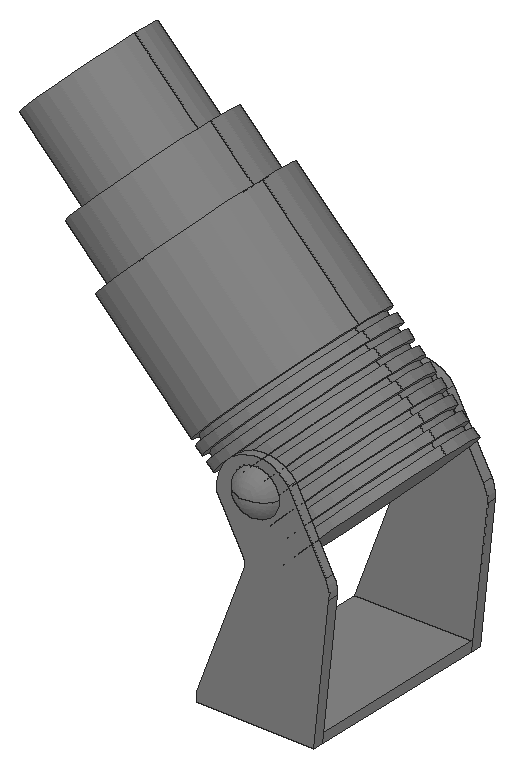
Revit family "RAY-ZOOM-R61", category Осветительные приборы, Revit 2017
Family settings
  Размер круглого соединителя = Использовать диаметр
  Тип детали = Нормальный
  На основе рабочей плоскости = Нет
  Всегда вертикально = Да
  При загрузке вырезать с полостями = Нет
  Источник света = Да
  Общий = Нет
  Точка расчета площади = Нет
Parameters (values of type "026447 Светильник ALT-RAY-ZOOM-R61-12W Warm3000 (DG, 10-60 deg, 230V)_10deg")
  Угол света [instance] = 90.00° - Угол  # 45.00°
  built-in parameter 1150104 = 13.8 (stored number, unit not read)
  built-in parameter 1150134 = (empty or 0)
  Файл фотометрической сетки = "026447_ALT-RAY-ZOOM-R61-12W Warm3000 (DG, 10-60 deg, 230V)_10deg.ies"
  Угол поворота [instance] = 45.00°
  Tilt Angle = 90.00°
  Угол [instance] = if(or(Угол поворота < -25.00°, Угол поворота > 200.00°), 45.00°, Угол поворота)  # 45.00°
  built-in parameter 1150137 = (empty or 0)
  built-in parameter 1150132 = 2
  built-in parameter 1150114 = 1 (stored number, unit not read)
  Dimming Lamp Color Temperature Shift = (empty or 0)
  built-in parameter 1150105 = 43.768 (stored number, unit not read)
  Color Filter = 16777215
  Lumens = 550 lm
  Разработчик (телефон) = "+7 (495) 781-05-35"  # constant formula
  Разработчик (e-mail) = "info@constructor.ru"  # constant formula
  Разработчик (URL) = "https://constructor.ru/"  # constant formula
  Разработчик = "НТЦ Конструктор"  # constant formula
  built-in parameter 1150109 = 1 (stored number, unit not read)
  built-in parameter 1150112 = 1 (stored number, unit not read)
  built-in parameter 1150110 = 1 (stored number, unit not read)
  built-in parameter 1150113 = 1 (stored number, unit not read)
  built-in parameter 1150115 = 1 (stored number, unit not read)
  built-in parameter 1114218 = 1 (stored number, unit not read)
  built-in parameter 1114217 = 1 (stored number, unit not read)
  Apparent Load = ADSK_Номинальная мощность / ADSK_Коэффициент мощности  # 13.0435 VA
  built-in parameter 1150106 = 0.43768 (stored number, unit not read)
  Описание = "Уличный светодиодный светильник, мощность 12 Вт, регулируемый угол освещения 10-60°. Цвет ТЕПЛЫЙ 3000К, световой поток 500-550лм. Влагозащищенный корпус IP67 - темно-серый алюминий, экран из закаленного стекла. Угол поворота корпуса в вертикальной плоскости 135°. Питание 230 В, мощность 12 Вт. Размеры DxH - Ø61x133 мм. В комплекте 1 м провод"
  built-in parameter 1150133 = 10 (stored number, unit not read)
  Wattage = 3.70266 W
  built-in parameter 1150139 = (empty or 0)
  Контакты ООО "Арлайт РУС" для получения счёта = "roman@transistor.ru, T +7 495 926 56 50 (доб.1115), моб. +7 (925) 871-32-07"  # constant formula
  Комментарии к типоразмеру = "Арт. 026447"
  built-in parameter 1150138 = (empty or 0)
  built-in parameter 1150107 = 3000 (stored number, unit not read)
  built-in parameter 1150102 = (empty or 0)
  Emit from Circle Diameter = 32 mm
  Изготовитель (телефон) = "8 800 505 26 29"  # constant formula
  Изготовитель (сайт) = "www.arlight.ru"  # constant formula
  Изготовитель = "ARLIGHT"  # constant formula
  Группа модели = "Светильники"  # constant formula
  Видимая форма излучения при визуализации = no
  URL = "https://arlight.ru/catalog/product/svetilnik-alt-ray-zoom-r61-12w-warm3000-dg-10-60-deg-230v-026447/"
  ARL_Цвет свечения = "Теплый 3000К"
  ARL_Цвет покрытия = "Темно-серый"
  ARL_Угол обзора = "10°"
  ARL_Тип товара = "Светильник"
  ARL_Способ монтажа = "Кронштейн"
  ARL_Серия = "RAY"
  ARL_Рабочая температура окружающей среды = "-40…+60"
  ARL_Обозначение корпуса = "Корпус круглый, алюминий, цвет темно-серый"
  ARL_Область использования = "Для ландшафтного освещения парковых и садовых дорожек, придомовых территорий, а также декоративной подсветки фасадов"
  ARL_Материал корпуса = Металл, темно-серый
  ARL_Класс пылевлагозащиты = "IP67"
  ARL_Класс защиты от поражения электрическим током = "I"
  ARL_Индекс цветопередачи = ">80"
  ARL_Драйвер = "Встроенный"
  ADSK_Ток = ADSK_Номинальная мощность / (ADSK_Коэффициент мощности * ADSK_Напряжение * sqrt(ADSK_Количество фаз числовое))  # 0.0567108 A
  ADSK_Размер_Длина = 133 mm
  ADSK_Размер_Диаметр = 61 mm
  ADSK_Размер_Высота = 98 mm
  ADSK_Примечание = ""
  ADSK_Полная мощность = ADSK_Номинальная мощность / ADSK_Коэффициент мощности  # 13.0435 VA
  ADSK_Позиция = ""
  ADSK_Номинальная мощность = 12 W
  ADSK_Напряжение = 230 V
  ADSK_Наименование = "Светильник"
  ADSK_Масса_Текст = "0.62"
  ADSK_Марка = "ALT-RAY-ZOOM-R61-12W Warm3000"
  ADSK_Коэффициент мощности = 0.92
  ADSK_Количество фаз числовое = 1
  ADSK_Количество фаз = 1
  ADSK_Код изделия = Комментарии к типоразмеру  # "Арт. 026447"
  ADSK_Классификация нагрузок = Освещение
  ADSK_Завод-изготовитель = Изготовитель  # "ARLIGHT"
  ADSK_Единица измерения = "шт."
Types (20, lengths in mm): name | built-in parameter 1150134 | Файл фотометрической сетки | Описание | Комментарии к типоразмеру | built-in parameter 1150107 | URL | ARL_Цвет свечения | ARL_Угол обзора | ARL_Область использования | ADSK_Марка | ADSK_Код изделия
  026447 Светильник ALT-RAY-ZOOM-R61-12W Warm3000 (DG, 10-60 deg, 230V)_10deg | (empty or 0) | "026447_ALT-RAY-ZOOM-R61-12W Warm3000 (DG, 10-60 deg, 230V)_10deg.ies" | "Уличный светодиодный светильник, мощность 12 Вт, регулируемый угол освещения 10-60°. Цвет ТЕПЛЫЙ 3000К, световой поток 500-550лм. Влагозащищенный корпус IP67 - темно-серый алюминий, экран из закаленного стекла. Угол поворота корпуса в вертикальной плоскости 135°. Питание 230 В, мощность 12 Вт. Размеры DxH - Ø61x133 мм. В комплекте 1 м провод" | "Арт. 026447" | 3000 (stored number, unit not read) | "https://arlight.ru/catalog/product/svetilnik-alt-ray-zoom-r61-12w-warm3000-dg-10-60-deg-230v-026447/" | "Теплый 3000К" | "10°" | "Для ландшафтного освещения парковых и садовых дорожек, придомовых территорий, а также декоративной подсветки фасадов" | "ALT-RAY-ZOOM-R61-12W Warm3000" | "Арт. 026447"
  029700 Светильник ALT-RAY-ZOOM-R61-12W Day4000 (DG, 10-60 deg, 230V)_10deg | 12 | "029700_ALT-RAY-ZOOM-R61-12W Day4000 (DG, 10-60 deg, 230V)_10deg.ies" | "Уличный светодиодный светильник, мощность 12 Вт, регулируемый угол освещения 10-60°. Цвет ДНЕВНОЙ 4000К, световой поток 500-550лм. Влагозащищенный корпус IP67 - темно-серый алюминий, экран из закаленного стекла. Угол поворота корпуса в вертикальной плоскости 135°. Питание 230 В, мощность 12 Вт. Размеры DxH - Ø61x133 мм. В комплекте 1 м провод" | "Арт. 029700" | 4000 (stored number, unit not read) | "https://arlight.ru/catalog/product/svetilnik-alt-ray-zoom-r61-12w-day4000-dg-10-60-deg-230v-029700/" | "Дневной 4000K" | "10°" | "Для ландшафтного освещения парковых и садовых дорожек, придомовых территорий, а также декоративной подсветки фасадов" | "ALT-RAY-ZOOM-R61-12W Day4000" | "Арт. 029700"
  026447(1) Светильник ALT-RAY-ZOOM-R61-12W Warm3000 (DG, 10-60 deg, 230V)_10deg | (empty or 0) | "026447(1)_ALT-RAY-ZOOM-R61-12W Warm3000 (DG, 10-60 deg, 230V)_10deg.ies" | "Уличный светодиодный светильник, мощность 12Вт, регулируемый угол освещения 10-60°. Цвет ТЕПЛЫЙ 3000К, световой поток 500-550лм. Влагозащищенный корпус IP67 - темно-серый алюминий, экран из закаленного стекла. Угол поворота корпуса в вертикальной плоскости 135°. Питание 230В, мощность 12 Вт. Размеры DxH - Ø61x133мм. В комплекте 1м провод" | "Арт. 026447(1)" | 3000 (stored number, unit not read) | "https://arlight.ru/search/index.php?q=ray-zoom-r61" | "Теплый 3000К" | "10°" | "Категория размещения - 1" | "ALT-RAY-ZOOM-R61-12W Warm3000" | "Арт. 026447(1)"
  030914 Светильник ALT-RAY-ZOOM-R61-12W Day5000 (DG, 10-60 deg, 230V)_10deg | 2 | "030914_ALT-RAY-ZOOM-R61-12W Day5000 (DG, 10-60 deg, 230V)_10deg.ies" | "?????" | "Арт. 030914" | 5000 (stored number, unit not read) | "https://arlight.ru/search/index.php?q=ray-zoom-r61" | "Белый 5000K" | "10°" | "Категория размещения - 1" | "ALT-RAY-ZOOM-R61-12W Day4000" | "Арт. 030914"
  030729 Светильник ALT-RAY-ZOOM-R61-12W White6000 (DG, 10-60 deg, 230V)_10deg | 5 | "030729_ALT-RAY-ZOOM-R61-12W White6000 (DG, 10-60 deg, 230V)_10deg.ies" | "?????" | "Арт. 030729" | 6000 (stored number, unit not read) | "https://arlight.ru/search/index.php?q=ray-zoom-r61" | "Белый 6000K" | "10°" | "Категория размещения - 1" | "ALT-RAY-ZOOM-R61-12W White6000" | "Арт. 030729"
  026447 Светильник ALT-RAY-ZOOM-R61-12W Warm3000 (DG, 10-60 deg, 230V)_30deg | (empty or 0) | "026447_ALT-RAY-ZOOM-R61-12W Warm3000 (DG, 10-60 deg, 230V)_30deg.ies" | "Уличный светодиодный светильник, мощность 12 Вт, регулируемый угол освещения 10-60°. Цвет ТЕПЛЫЙ 3000К, световой поток 500-550лм. Влагозащищенный корпус IP67 - темно-серый алюминий, экран из закаленного стекла. Угол поворота корпуса в вертикальной плоскости 135°. Питание 230 В, мощность 12 Вт. Размеры DxH - Ø61x133 мм. В комплекте 1 м провод" | "Арт. 026447" | 3000 (stored number, unit not read) | "https://arlight.ru/catalog/product/svetilnik-alt-ray-zoom-r61-12w-warm3000-dg-10-60-deg-230v-026447/" | "Теплый 3000К" | "30°" | "Для ландшафтного освещения парковых и садовых дорожек, придомовых территорий, а также декоративной подсветки фасадов" | "ALT-RAY-ZOOM-R61-12W Warm3000" | "Арт. 026447"
  026447 Светильник ALT-RAY-ZOOM-R61-12W Warm3000 (DG, 10-60 deg, 230V)_40deg | (empty or 0) | "026447_ALT-RAY-ZOOM-R61-12W Warm3000 (DG, 10-60 deg, 230V)_40deg.ies" | "Уличный светодиодный светильник, мощность 12 Вт, регулируемый угол освещения 10-60°. Цвет ТЕПЛЫЙ 3000К, световой поток 500-550лм. Влагозащищенный корпус IP67 - темно-серый алюминий, экран из закаленного стекла. Угол поворота корпуса в вертикальной плоскости 135°. Питание 230 В, мощность 12 Вт. Размеры DxH - Ø61x133 мм. В комплекте 1 м провод" | "Арт. 026447" | 3000 (stored number, unit not read) | "https://arlight.ru/catalog/product/svetilnik-alt-ray-zoom-r61-12w-warm3000-dg-10-60-deg-230v-026447/" | "Теплый 3000К" | "40°" | "Для ландшафтного освещения парковых и садовых дорожек, придомовых территорий, а также декоративной подсветки фасадов" | "ALT-RAY-ZOOM-R61-12W Warm3000" | "Арт. 026447"
  026447 Светильник ALT-RAY-ZOOM-R61-12W Warm3000 (DG, 10-60 deg, 230V)_60deg | (empty or 0) | "026447_ALT-RAY-ZOOM-R61-12W Warm3000 (DG, 10-60 deg, 230V)_60deg.ies" | "Уличный светодиодный светильник, мощность 12 Вт, регулируемый угол освещения 10-60°. Цвет ТЕПЛЫЙ 3000К, световой поток 500-550лм. Влагозащищенный корпус IP67 - темно-серый алюминий, экран из закаленного стекла. Угол поворота корпуса в вертикальной плоскости 135°. Питание 230 В, мощность 12 Вт. Размеры DxH - Ø61x133 мм. В комплекте 1 м провод" | "Арт. 026447" | 3000 (stored number, unit not read) | "https://arlight.ru/catalog/product/svetilnik-alt-ray-zoom-r61-12w-warm3000-dg-10-60-deg-230v-026447/" | "Теплый 3000К" | "60°" | "Для ландшафтного освещения парковых и садовых дорожек, придомовых территорий, а также декоративной подсветки фасадов" | "ALT-RAY-ZOOM-R61-12W Warm3000" | "Арт. 026447"
  026447(1) Светильник ALT-RAY-ZOOM-R61-12W Warm3000 (DG, 10-60 deg, 230V)_30deg | (empty or 0) | "026447(1)_ALT-RAY-ZOOM-R61-12W Warm3000 (DG, 10-60 deg, 230V)_30deg.ies" | "Уличный светодиодный светильник, мощность 12Вт, регулируемый угол освещения 10-60°. Цвет ТЕПЛЫЙ 3000К, световой поток 500-550лм. Влагозащищенный корпус IP67 - темно-серый алюминий, экран из закаленного стекла. Угол поворота корпуса в вертикальной плоскости 135°. Питание 230В, мощность 12 Вт. Размеры DxH - Ø61x133мм. В комплекте 1м провод" | "Арт. 026447(1)" | 3000 (stored number, unit not read) | "https://arlight.ru/search/index.php?q=ray-zoom-r61" | "Теплый 3000К" | "30°" | "Категория размещения - 1" | "ALT-RAY-ZOOM-R61-12W Warm3000" | "Арт. 026447(1)"
  026447(1) Светильник ALT-RAY-ZOOM-R61-12W Warm3000 (DG, 10-60 deg, 230V)_40deg | (empty or 0) | "026447(1)_ALT-RAY-ZOOM-R61-12W Warm3000 (DG, 10-60 deg, 230V)_40deg.ies" | "Уличный светодиодный светильник, мощность 12Вт, регулируемый угол освещения 10-60°. Цвет ТЕПЛЫЙ 3000К, световой поток 500-550лм. Влагозащищенный корпус IP67 - темно-серый алюминий, экран из закаленного стекла. Угол поворота корпуса в вертикальной плоскости 135°. Питание 230В, мощность 12 Вт. Размеры DxH - Ø61x133мм. В комплекте 1м провод" | "Арт. 026447(1)" | 3000 (stored number, unit not read) | "https://arlight.ru/search/index.php?q=ray-zoom-r61" | "Теплый 3000К" | "40°" | "Категория размещения - 1" | "ALT-RAY-ZOOM-R61-12W Warm3000" | "Арт. 026447(1)"
  026447(1) Светильник ALT-RAY-ZOOM-R61-12W Warm3000 (DG, 10-60 deg, 230V)_60deg | (empty or 0) | "026447(1)_ALT-RAY-ZOOM-R61-12W Warm3000 (DG, 10-60 deg, 230V)_60deg.ies" | "Уличный светодиодный светильник, мощность 12Вт, регулируемый угол освещения 10-60°. Цвет ТЕПЛЫЙ 3000К, световой поток 500-550лм. Влагозащищенный корпус IP67 - темно-серый алюминий, экран из закаленного стекла. Угол поворота корпуса в вертикальной плоскости 135°. Питание 230В, мощность 12 Вт. Размеры DxH - Ø61x133мм. В комплекте 1м провод" | "Арт. 026447(1)" | 3000 (stored number, unit not read) | "https://arlight.ru/search/index.php?q=ray-zoom-r61" | "Теплый 3000К" | "60°" | "Категория размещения - 1" | "ALT-RAY-ZOOM-R61-12W Warm3000" | "Арт. 026447(1)"
  029700 Светильник ALT-RAY-ZOOM-R61-12W Day4000 (DG, 10-60 deg, 230V)_30deg | 12 | "029700_ALT-RAY-ZOOM-R61-12W Day4000 (DG, 10-60 deg, 230V)_30deg.ies" | "Уличный светодиодный светильник, мощность 12 Вт, регулируемый угол освещения 10-60°. Цвет ДНЕВНОЙ 4000К, световой поток 500-550лм. Влагозащищенный корпус IP67 - темно-серый алюминий, экран из закаленного стекла. Угол поворота корпуса в вертикальной плоскости 135°. Питание 230 В, мощность 12 Вт. Размеры DxH - Ø61x133 мм. В комплекте 1 м провод" | "Арт. 029700" | 4000 (stored number, unit not read) | "https://arlight.ru/catalog/product/svetilnik-alt-ray-zoom-r61-12w-day4000-dg-10-60-deg-230v-029700/" | "Дневной 4000K" | "30°" | "Для ландшафтного освещения парковых и садовых дорожек, придомовых территорий, а также декоративной подсветки фасадов" | "ALT-RAY-ZOOM-R61-12W Day4000" | "Арт. 029700"
  029700 Светильник ALT-RAY-ZOOM-R61-12W Day4000 (DG, 10-60 deg, 230V)_40deg | 12 | "029700_ALT-RAY-ZOOM-R61-12W Day4000 (DG, 10-60 deg, 230V)_40deg.ies" | "Уличный светодиодный светильник, мощность 12 Вт, регулируемый угол освещения 10-60°. Цвет ДНЕВНОЙ 4000К, световой поток 500-550лм. Влагозащищенный корпус IP67 - темно-серый алюминий, экран из закаленного стекла. Угол поворота корпуса в вертикальной плоскости 135°. Питание 230 В, мощность 12 Вт. Размеры DxH - Ø61x133 мм. В комплекте 1 м провод" | "Арт. 029700" | 4000 (stored number, unit not read) | "https://arlight.ru/catalog/product/svetilnik-alt-ray-zoom-r61-12w-day4000-dg-10-60-deg-230v-029700/" | "Дневной 4000K" | "40°" | "Для ландшафтного освещения парковых и садовых дорожек, придомовых территорий, а также декоративной подсветки фасадов" | "ALT-RAY-ZOOM-R61-12W Day4000" | "Арт. 029700"
  029700 Светильник ALT-RAY-ZOOM-R61-12W Day4000 (DG, 10-60 deg, 230V)_60deg | 12 | "029700_ALT-RAY-ZOOM-R61-12W Day4000 (DG, 10-60 deg, 230V)_60deg.ies" | "Уличный светодиодный светильник, мощность 12 Вт, регулируемый угол освещения 10-60°. Цвет ДНЕВНОЙ 4000К, световой поток 500-550лм. Влагозащищенный корпус IP67 - темно-серый алюминий, экран из закаленного стекла. Угол поворота корпуса в вертикальной плоскости 135°. Питание 230 В, мощность 12 Вт. Размеры DxH - Ø61x133 мм. В комплекте 1 м провод" | "Арт. 029700" | 4000 (stored number, unit not read) | "https://arlight.ru/catalog/product/svetilnik-alt-ray-zoom-r61-12w-day4000-dg-10-60-deg-230v-029700/" | "Дневной 4000K" | "60°" | "Для ландшафтного освещения парковых и садовых дорожек, придомовых территорий, а также декоративной подсветки фасадов" | "ALT-RAY-ZOOM-R61-12W Day4000" | "Арт. 029700"
  030729 Светильник ALT-RAY-ZOOM-R61-12W White6000 (DG, 10-60 deg, 230V)_30deg | 5 | "030729_ALT-RAY-ZOOM-R61-12W White6000 (DG, 10-60 deg, 230V)_30deg.ies" | "?????" | "Арт. 030729" | 6000 (stored number, unit not read) | "https://arlight.ru/search/index.php?q=ray-zoom-r61" | "Белый 6000K" | "30°" | "Категория размещения - 1" | "ALT-RAY-ZOOM-R61-12W White6000" | "Арт. 030729"
  030729 Светильник ALT-RAY-ZOOM-R61-12W White6000 (DG, 10-60 deg, 230V)_40deg | 5 | "030729_ALT-RAY-ZOOM-R61-12W White6000 (DG, 10-60 deg, 230V)_40deg.ies" | "?????" | "Арт. 030729" | 6000 (stored number, unit not read) | "https://arlight.ru/search/index.php?q=ray-zoom-r61" | "Белый 6000K" | "40°" | "Категория размещения - 1" | "ALT-RAY-ZOOM-R61-12W White6000" | "Арт. 030729"
  030729 Светильник ALT-RAY-ZOOM-R61-12W White6000 (DG, 10-60 deg, 230V)_60deg | 5 | "030729_ALT-RAY-ZOOM-R61-12W White6000 (DG, 10-60 deg, 230V)_60deg.ies" | "?????" | "Арт. 030729" | 6000 (stored number, unit not read) | "https://arlight.ru/search/index.php?q=ray-zoom-r61" | "Белый 6000K" | "60°" | "Категория размещения - 1" | "ALT-RAY-ZOOM-R61-12W White6000" | "Арт. 030729"
  030914 Светильник ALT-RAY-ZOOM-R61-12W Day5000 (DG, 10-60 deg, 230V)_30deg | 2 | "030914_ALT-RAY-ZOOM-R61-12W Day5000 (DG, 10-60 deg, 230V)_30deg.ies" | "?????" | "Арт. 030914" | 5000 (stored number, unit not read) | "https://arlight.ru/search/index.php?q=ray-zoom-r61" | "Белый 5000K" | "30°" | "Категория размещения - 1" | "ALT-RAY-ZOOM-R61-12W Day4000" | "Арт. 030914"
  030914 Светильник ALT-RAY-ZOOM-R61-12W Day5000 (DG, 10-60 deg, 230V)_40deg | 2 | "030914_ALT-RAY-ZOOM-R61-12W Day5000 (DG, 10-60 deg, 230V)_40deg.ies" | "?????" | "Арт. 030914" | 5000 (stored number, unit not read) | "https://arlight.ru/search/index.php?q=ray-zoom-r61" | "Белый 5000K" | "40°" | "Категория размещения - 1" | "ALT-RAY-ZOOM-R61-12W Day4000" | "Арт. 030914"
  030914 Светильник ALT-RAY-ZOOM-R61-12W Day5000 (DG, 10-60 deg, 230V)_60deg | 2 | "030914_ALT-RAY-ZOOM-R61-12W Day5000 (DG, 10-60 deg, 230V)_60deg.ies" | "?????" | "Арт. 030914" | 5000 (stored number, unit not read) | "https://arlight.ru/search/index.php?q=ray-zoom-r61" | "Белый 5000K" | "60°" | "Категория размещения - 1" | "ALT-RAY-ZOOM-R61-12W Day4000" | "Арт. 030914"
Reference planes
  plane 1 "По центру (Вперед/Назад)": y = 0
  plane 2: z = 0
  plane 3 "По центру (Влево/Вправо)": x = 0
  plane 4: x = -133
  plane 5: y = 30.5
  plane 6: y = -30.5
  plane 7: z = 98
  plane 8: z = 67.726
  plane 9 "Нз": through (-13.637, 0, 73.029) normal (-0.7071, 0, 0.7071)
  plane 10: x = -19.26
Forms (mm)
  Extrusion 1, solid, material "Металл, темно-серый", detail levels medium+fine
    sketch origin (-66.5, 0, 0) x (1, 0, 0) y (0, 0, 1)
      loop
        line (35.085, 63.641) -> (43.419, 47.966)
        arc (43.419, 47.966) -> (43.994, 45.95) -> (43.691, 43.876) r 5
        line (43.691, 43.876) -> (28.475, 2.941) -> (28.475, 0) -> (66.5, 0) -> (71.394, 44.616)
        arc (71.394, 44.616) -> (71.274, 47.593) -> (70.283, 50.401) r 10
        line (70.283, 50.401) -> (58.264, 73.006)
        arc (58.264, 73.006) -> (43.142, 77.068) -> (35.085, 63.641) r 12.999
    from 30.5 to 33.5
  Extrusion 2, solid, material "Металл, темно-серый", detail levels medium+fine
    sketch origin (-66.5, 0, 0) x (1, 0, 0) y (0, 0, 1)
      loop
        line (35.085, 63.641) -> (43.419, 47.966)
        arc (43.419, 47.966) -> (43.994, 45.95) -> (43.691, 43.876) r 5
        line (43.691, 43.876) -> (28.475, 2.941) -> (28.475, 0) -> (66.5, 0) -> (71.394, 44.616)
        arc (71.394, 44.616) -> (71.274, 47.593) -> (70.283, 50.401) r 10
        line (70.283, 50.401) -> (58.264, 73.006)
        arc (58.264, 73.006) -> (43.142, 77.068) -> (35.085, 63.641) r 12.999
    from -33.5 to -30.5
  Extrusion 3, solid, material "Металл, темно-серый", detail levels medium+fine
    sketch origin (-66.5, 0, 0) x (1, 0, 0) y (0, 1, 0)
      loop
        line (28.475, 30.5) -> (28.475, -30.5) -> (66.5, -30.5) -> (66.5, 30.5) -> (28.475, 30.5)
    from 0 to 3
  Revolve 4, solid, material "Металл, темно-серый", detail levels fine
    sketch origin (-26.44, -1524, 67.726) x (-1, 0, 0) y (0, -1, 0)
      loop
        line (-7.5, -1490.5) -> (-7.5, -1485.5)
        arc (-7.5, -1485.5) -> (-12.007, -1486.865) -> (-15, -1490.5) r 8.125
        line (-15, -1490.5) -> (-7.5, -1490.5)
      axis (-7.5, -1490.5) -> (-7.5, -1485.5)
    angle from 0 to 360
  Revolve 5, solid, material "Металл, темно-серый", detail levels fine
    sketch origin (-26.44, 1524, 67.726) x (-1, 0, 0) y (0, -1, 0)
      loop
        line (-7.5, 1490.5) -> (-15, 1490.5)
        arc (-15, 1490.5) -> (-12.007, 1486.865) -> (-7.5, 1485.5) r 8.125
        line (-7.5, 1485.5) -> (-7.5, 1490.5)
      axis (-7.5, 1490.5) -> (-7.5, 1485.5)
    angle from 0 to 360
  Extrusion 6, solid, material "Металл, темно-серый" <- "ARL_Материал корпуса", detail levels fine
    sketch origin (-26.261, 0, 60.406) x (0.707107, 0, 0.707107) y (0, 1, 0)
      loop
        circle (10.127, 0) r 30.5
    from -18.94 to 65.06
  Extrusion 7, solid, material "Металл, темно-серый" <- "ARL_Материал корпуса", detail levels medium+fine
    sketch origin (-26.261, 0, 60.406) x (0.707107, 0, 0.707107) y (0, 1, 0)
      loop
        circle (10.127, 0) r 26.5
    from 65.06 to 84.795
  Extrusion 8, solid, material "Металл, темно-серый" <- "ARL_Материал корпуса", detail levels medium+fine
    sketch origin (-26.261, 0, 60.406) x (0.707107, 0, 0.707107) y (0, 1, 0)
      loop
        circle (10.127, 0) r 21
      loop
        circle (10.127, 0) r 16
    from 84.795 to 114.06
  Extrusion 9, solid, material "Стекло, белое, высокой яркости", detail levels fine
    sketch origin (-26.261, 0, 60.406) x (0.707107, 0, 0.707107) y (0, 1, 0)
      loop
        circle (10.127, 0) r 16
    from 84.795 to 89.76
  Extrusion 10, void
    sketch origin (-26.261, 0, 60.406) x (0.707107, 0, 0.707107) y (0, 1, 0)
      loop
        circle (10.127, 0) r 30.5
      loop
        circle (10.127, 0) r 28.5
    from -16 to -14
  Extrusion 11, void
    sketch origin (-26.261, 0, 60.406) x (0.707107, 0, 0.707107) y (0, 1, 0)
      loop
        circle (10.127, 0) r 30.5
      loop
        circle (10.127, 0) r 28.5
    from -9 to -11
  Extrusion 12, void
    sketch origin (-26.261, 0, 60.406) x (0.707107, 0, 0.707107) y (0, 1, 0)
      loop
        circle (10.127, 0) r 30.5
      loop
        circle (10.127, 0) r 28.5
    from -4 to -6
  Extrusion 13, void
    sketch origin (-26.261, 0, 60.406) x (0.707107, 0, 0.707107) y (0, 1, 0)
      loop
        circle (10.127, 0) r 30.5
      loop
        circle (10.127, 0) r 28.5
    from 1 to -1
  Extrusion 14, void
    sketch origin (-26.261, 0, 60.406) x (0.707107, 0, 0.707107) y (0, 1, 0)
      loop
        circle (10.127, 0) r 30.5
      loop
        circle (10.127, 0) r 28.5
    from 6 to 4
  Extrusion 15, void
    sketch origin (-26.261, 0, 60.406) x (0.707107, 0, 0.707107) y (0, 1, 0)
      loop
        circle (10.127, 0) r 30.5
      loop
        circle (10.127, 0) r 28.5
    from 11 to 9
  Extrusion 16, void
    sketch origin (-26.261, 0, 60.406) x (0.707107, 0, 0.707107) y (0, 1, 0)
      loop
        circle (10.127, 0) r 30.5
      loop
        circle (10.127, 0) r 28.5
    from 16 to 14
  Extrusion 17, void
    sketch origin (-26.261, 0, 60.406) x (0.707107, 0, 0.707107) y (0, 1, 0)
      loop
        circle (10.127, 0) r 30.5
      loop
        circle (10.127, 0) r 28.5
    from 21 to 19
  Extrusion 18, solid, material "Металл, темно-серый" <- "ARL_Материал корпуса", detail levels medium
    sketch origin (-26.261, 0, 60.406) x (0.707107, 0, 0.707107) y (0, 1, 0)
      loop
        circle (10.127, 0) r 30.5
    from -18.94 to 65.06
  Extrusion 19, solid, material "Металл, темно-серый" <- "ARL_Материал корпуса", detail levels coarse
    sketch origin (-26.261, 0, 60.406) x (0.707107, 0, 0.707107) y (0, 1, 0)
      loop
        circle (10.127, 0) r 21
      loop
        circle (10.127, 0) r 16
    from 84.795 to 114.06
  Extrusion 20, solid, material "Металл, темно-серый" <- "ARL_Материал корпуса", detail levels coarse
    sketch origin (-26.261, 0, 60.406) x (0.707107, 0, 0.707107) y (0, 1, 0)
      loop
        circle (10.127, 0) r 26.5
    from 65.06 to 84.795
  Extrusion 21, solid, material "Металл, темно-серый" <- "ARL_Материал корпуса", detail levels coarse
    sketch origin (-26.261, 0, 60.406) x (0.707107, 0, 0.707107) y (0, 1, 0)
      loop
        circle (10.127, 0) r 30.5
    from -18.94 to 65.06
  Extrusion 22, solid, material "Металл, темно-серый", detail levels coarse
    sketch origin (-66.5, 0, 0) x (1, 0, 0) y (0, 0, 1)
      loop
        line (35.085, 63.641) -> (43.419, 47.966)
        arc (43.419, 47.966) -> (43.994, 45.95) -> (43.691, 43.876) r 5
        line (43.691, 43.876) -> (28.475, 2.941) -> (28.475, 0) -> (66.5, 0) -> (71.394, 44.616)
        arc (71.394, 44.616) -> (71.274, 47.593) -> (70.283, 50.401) r 10
        line (70.283, 50.401) -> (58.264, 73.006)
        arc (58.264, 73.006) -> (43.142, 77.068) -> (35.085, 63.641) r 12.999
    from -33.5 to -30.5
  Extrusion 23, solid, material "Металл, темно-серый", detail levels coarse
    sketch origin (-66.5, 0, 0) x (1, 0, 0) y (0, 1, 0)
      loop
        line (28.475, 30.5) -> (28.475, -30.5) -> (66.5, -30.5) -> (66.5, 30.5) -> (28.475, 30.5)
    from 0 to 3
  Extrusion 24, solid, material "Металл, темно-серый", detail levels coarse
    sketch origin (-66.5, 0, 0) x (1, 0, 0) y (0, 0, 1)
      loop
        line (35.085, 63.641) -> (43.419, 47.966)
        arc (43.419, 47.966) -> (43.994, 45.95) -> (43.691, 43.876) r 5
        line (43.691, 43.876) -> (28.475, 2.941) -> (28.475, 0) -> (66.5, 0) -> (71.394, 44.616)
        arc (71.394, 44.616) -> (71.274, 47.593) -> (70.283, 50.401) r 10
        line (70.283, 50.401) -> (58.264, 73.006)
        arc (58.264, 73.006) -> (43.142, 77.068) -> (35.085, 63.641) r 12.999
    from 30.5 to 33.5
Cuts and joins
  joined: Extrusion 1, Extrusion 2, Extrusion 3
  Extrusion 10, Extrusion 11, Extrusion 12, Extrusion 13, Extrusion 14, Extrusion 15, Extrusion 16, Extrusion 17 cuts Extrusion 6
Lines and regions (mm)
  model lines, style "InvisibleLines"
    curve 1: line (-99.753, 0, 148.219) -> (-19.26, 0, 67.726)
Dimensions and locks
  "ADSK_Размер_Высота": plane 7 to plane 2
  "ADSK_Размер_Диаметр": plane 5 to plane 6
  equal spacing: plane 5, plane 1 "По центру (Вперед/Назад)", plane 6
  "ADSK_Размер_Длина": plane 4 to plane 3 "По центру (Влево/Вправо)"
  "Угол света": angle imposter light to plane 10
  "Угол света": angle curve 1 to plane 10
  "Угол": angle plane 10 to plane 9 "Нз"
  aligned and locked: level to plane 2
  aligned and locked: imposter light to curve 1
Automatic sketch dimensions
  curve 1 to plane 8 = 0 mm
  Extrusion 1 sketch curve to level = 0 mm
  Extrusion 1 sketch curve to plane 3 "По центру (Влево/Вправо)" = 0 mm
  Extrusion 1 sketch curve to plane 3 "По центру (Влево/Вправо)" = 5.046 mm
  Extrusion 1 sketch curve to plane 3 "По центру (Влево/Вправо)" = 8.236 mm
  plane 10 to Extrusion 1 sketch curve = 0.771 mm
  Extrusion 1 sketch curve to plane 10 = 3.549 mm
  Extrusion 1 sketch curve to plane 10 = 3.821 mm
  Extrusion 1 sketch curve to Extrusion 1 sketch curve = 4.415 mm
  Extrusion 1 sketch curve to plane 8 = 4.085 mm
  Extrusion 1 sketch curve to plane 10 = 12.155 mm
  level to Extrusion 1 sketch curve = 2.941 mm
  Extrusion 1 sketch curve to plane 10 = 18.765 mm
  plane 3 "По центру (Влево/Вправо)" to Extrusion 1 sketch curve = 3.783 mm
  plane 3 "По центру (Влево/Вправо)" to Extrusion 1 sketch curve = 4.894 mm
  Extrusion 1 sketch curve to Extrusion 1 sketch curve = 19.765 mm
  Extrusion 1 sketch curve to plane 8 = 23.11 mm
  Extrusion 1 sketch curve to Extrusion 1 sketch curve = 1.742 mm
  Extrusion 1 sketch curve to Extrusion 1 sketch curve = 1.09 mm
  Extrusion 1 sketch curve to plane 8 = 2.711 mm
  Extrusion 2 sketch curve to level = 0 mm
  Extrusion 2 sketch curve to plane 3 "По центру (Влево/Вправо)" = 0 mm
  Extrusion 2 sketch curve to plane 3 "По центру (Влево/Вправо)" = 5.046 mm
  Extrusion 2 sketch curve to plane 3 "По центру (Влево/Вправо)" = 8.236 mm
  plane 10 to Extrusion 2 sketch curve = 0.771 mm
  Extrusion 2 sketch curve to plane 10 = 3.549 mm
  Extrusion 2 sketch curve to plane 10 = 3.821 mm
  Extrusion 2 sketch curve to Extrusion 2 sketch curve = 4.415 mm
  Extrusion 2 sketch curve to plane 8 = 4.085 mm
  Extrusion 2 sketch curve to plane 10 = 12.155 mm
  level to Extrusion 2 sketch curve = 2.941 mm
  Extrusion 2 sketch curve to plane 10 = 18.765 mm
  plane 3 "По центру (Влево/Вправо)" to Extrusion 2 sketch curve = 3.783 mm
  plane 3 "По центру (Влево/Вправо)" to Extrusion 2 sketch curve = 4.894 mm
  Extrusion 2 sketch curve to Extrusion 2 sketch curve = 19.765 mm
  Extrusion 2 sketch curve to plane 8 = 23.11 mm
  Extrusion 2 sketch curve to Extrusion 2 sketch curve = 1.742 mm
  Extrusion 2 sketch curve to Extrusion 2 sketch curve = 1.09 mm
  Extrusion 2 sketch curve to plane 8 = 2.711 mm
  Extrusion 3 sketch curve to plane 6 = 0 mm
  Extrusion 3 sketch curve to plane 5 = 0 mm
  Extrusion 3 sketch curve to plane 3 "По центру (Влево/Вправо)" = 0 mm
  Extrusion 3 sketch curve to plane 10 = 18.765 mm
  Revolve 4 sketch curve to plane 6 = 3 mm
  plane 10 to Revolve 4 sketch curve = 7.82 mm
  plane 10 to Revolve 4 sketch curve = 0.32 mm
  plane 6 to Revolve 4 sketch curve = 0.125 mm
  Revolve 4 sketch curve to Revolve 4 sketch curve = 0 mm  (x2)
  Revolve 4 sketch curve to Revolve 4 sketch curve = 6.101 mm
  plane 5 to Revolve 5 sketch curve = 3 mm
  plane 10 to Revolve 5 sketch curve = 7.82 mm
  plane 10 to Revolve 5 sketch curve = 0.32 mm
  Revolve 5 sketch curve to Revolve 5 sketch curve = 5 mm
  Revolve 5 sketch curve to Revolve 5 sketch curve = 0 mm  (x2)
  Revolve 5 sketch curve to Revolve 5 sketch curve = 6.101 mm
  plane 1 "По центру (Вперед/Назад)" to Extrusion 6 sketch curve = 0 mm
  plane 1 "По центру (Вперед/Назад)" to Extrusion 7 sketch curve = 0 mm
  Extrusion 8 sketch curve to Extrusion 8 sketch curve = 0 mm  (x2)
  plane 1 "По центру (Вперед/Назад)" to Extrusion 8 sketch curve = 0 mm
  plane 1 "По центру (Вперед/Назад)" to Extrusion 9 sketch curve = 0 mm
  Extrusion 10 sketch curve to Extrusion 10 sketch curve = 0 mm  (x2)
  plane 1 "По центру (Вперед/Назад)" to Extrusion 10 sketch curve = 0 mm
  Extrusion 11 sketch curve to Extrusion 11 sketch curve = 0 mm  (x2)
  plane 1 "По центру (Вперед/Назад)" to Extrusion 11 sketch curve = 0 mm
  Extrusion 12 sketch curve to Extrusion 12 sketch curve = 0 mm  (x2)
  plane 1 "По центру (Вперед/Назад)" to Extrusion 12 sketch curve = 0 mm
  Extrusion 13 sketch curve to Extrusion 13 sketch curve = 0 mm  (x2)
  plane 1 "По центру (Вперед/Назад)" to Extrusion 13 sketch curve = 0 mm
  Extrusion 14 sketch curve to Extrusion 14 sketch curve = 0 mm  (x2)
  plane 1 "По центру (Вперед/Назад)" to Extrusion 14 sketch curve = 0 mm
  Extrusion 15 sketch curve to Extrusion 15 sketch curve = 0 mm  (x2)
  plane 1 "По центру (Вперед/Назад)" to Extrusion 15 sketch curve = 0 mm
  Extrusion 16 sketch curve to Extrusion 16 sketch curve = 0 mm  (x2)
  plane 1 "По центру (Вперед/Назад)" to Extrusion 16 sketch curve = 0 mm
  Extrusion 17 sketch curve to Extrusion 17 sketch curve = 0 mm  (x2)
  plane 1 "По центру (Вперед/Назад)" to Extrusion 17 sketch curve = 0 mm
  plane 1 "По центру (Вперед/Назад)" to Extrusion 18 sketch curve = 0 mm
  Extrusion 19 sketch curve to Extrusion 19 sketch curve = 0 mm  (x2)
  plane 1 "По центру (Вперед/Назад)" to Extrusion 19 sketch curve = 0 mm
  plane 1 "По центру (Вперед/Назад)" to Extrusion 20 sketch curve = 0 mm
  plane 1 "По центру (Вперед/Назад)" to Extrusion 21 sketch curve = 0 mm
  Extrusion 22 sketch curve to level = 0 mm
  Extrusion 22 sketch curve to plane 3 "По центру (Влево/Вправо)" = 0 mm
  Extrusion 22 sketch curve to plane 3 "По центру (Влево/Вправо)" = 5.046 mm
  Extrusion 22 sketch curve to plane 3 "По центру (Влево/Вправо)" = 8.236 mm
  plane 10 to Extrusion 22 sketch curve = 0.771 mm
  Extrusion 22 sketch curve to plane 10 = 3.549 mm
  Extrusion 22 sketch curve to plane 10 = 3.821 mm
  Extrusion 22 sketch curve to Extrusion 22 sketch curve = 4.415 mm
  Extrusion 22 sketch curve to plane 8 = 4.085 mm
  Extrusion 22 sketch curve to plane 10 = 12.155 mm
  level to Extrusion 22 sketch curve = 2.941 mm
  Extrusion 22 sketch curve to plane 10 = 18.765 mm
  plane 3 "По центру (Влево/Вправо)" to Extrusion 22 sketch curve = 3.783 mm
  plane 3 "По центру (Влево/Вправо)" to Extrusion 22 sketch curve = 4.894 mm
  Extrusion 22 sketch curve to Extrusion 22 sketch curve = 19.765 mm
  Extrusion 22 sketch curve to plane 8 = 23.11 mm
  Extrusion 22 sketch curve to Extrusion 22 sketch curve = 1.742 mm
  Extrusion 22 sketch curve to Extrusion 22 sketch curve = 1.09 mm
  Extrusion 22 sketch curve to plane 8 = 2.711 mm
  Extrusion 23 sketch curve to plane 6 = 0 mm
  Extrusion 23 sketch curve to plane 5 = 0 mm
  Extrusion 23 sketch curve to plane 3 "По центру (Влево/Вправо)" = 0 mm
  Extrusion 23 sketch curve to plane 10 = 18.765 mm
  level to Extrusion 24 sketch curve = 2.941 mm
  Extrusion 24 sketch curve to plane 3 "По центру (Влево/Вправо)" = 0 mm
  Extrusion 24 sketch curve to plane 3 "По центру (Влево/Вправо)" = 5.046 mm
  plane 8 to Extrusion 24 sketch curve = 5.28 mm
  Extrusion 24 sketch curve to plane 3 "По центру (Влево/Вправо)" = 8.236 mm
  plane 10 to Extrusion 24 sketch curve = 0.771 mm
  Extrusion 24 sketch curve to plane 10 = 3.549 mm
  Extrusion 24 sketch curve to plane 10 = 3.821 mm
  Extrusion 24 sketch curve to Extrusion 24 sketch curve = 4.415 mm
  Extrusion 24 sketch curve to plane 8 = 4.085 mm
  Extrusion 24 sketch curve to plane 10 = 12.155 mm
  Extrusion 24 sketch curve to plane 10 = 18.765 mm
  plane 3 "По центру (Влево/Вправо)" to Extrusion 24 sketch curve = 3.783 mm
  plane 3 "По центру (Влево/Вправо)" to Extrusion 24 sketch curve = 4.894 mm
  Extrusion 24 sketch curve to Extrusion 24 sketch curve = 2.941 mm
  Extrusion 24 sketch curve to Extrusion 24 sketch curve = 19.765 mm
  Extrusion 24 sketch curve to plane 8 = 23.11 mm
  Extrusion 24 sketch curve to Extrusion 24 sketch curve = 1.742 mm
  Extrusion 24 sketch curve to Extrusion 24 sketch curve = 1.09 mm
  radius of Extrusion 6 sketch curve = 30.5 mm
  radius of Extrusion 7 sketch curve = 26.5 mm
  radius of Extrusion 8 sketch curve = 21 mm
  radius of Extrusion 8 sketch curve = 16 mm
  radius of Extrusion 9 sketch curve = 16 mm
  radius of Extrusion 10 sketch curve = 30.5 mm
  radius of Extrusion 10 sketch curve = 28.5 mm
  radius of Extrusion 11 sketch curve = 30.5 mm
  radius of Extrusion 11 sketch curve = 28.5 mm
  radius of Extrusion 12 sketch curve = 30.5 mm
  radius of Extrusion 12 sketch curve = 28.5 mm
  radius of Extrusion 13 sketch curve = 30.5 mm
  radius of Extrusion 13 sketch curve = 28.5 mm
  radius of Extrusion 14 sketch curve = 30.5 mm
  radius of Extrusion 14 sketch curve = 28.5 mm
  radius of Extrusion 15 sketch curve = 30.5 mm
  radius of Extrusion 15 sketch curve = 28.5 mm
  radius of Extrusion 16 sketch curve = 30.5 mm
  radius of Extrusion 16 sketch curve = 28.5 mm
  radius of Extrusion 17 sketch curve = 30.5 mm
  radius of Extrusion 17 sketch curve = 28.5 mm
  radius of Extrusion 18 sketch curve = 30.5 mm
  radius of Extrusion 19 sketch curve = 21 mm
  radius of Extrusion 19 sketch curve = 16 mm
  radius of Extrusion 20 sketch curve = 26.5 mm
  radius of Extrusion 21 sketch curve = 30.5 mm
Nested families
  nested 1: "УГО" at (0, 0, 0), type "УГО", detail levels coarse
Connectors
  electrical at (-5.707, 0, 54.173), driven by "ADSK_Количество фаз", driven by "ADSK_Напряжение", driven by "ADSK_Полная мощность", driven by "ADSK_Коэффициент мощности", driven by "ADSK_Классификация нагрузок"
    settings: on cut or joined group of Extrusion 6, Extrusion 10, Extrusion 11, Extrusion 12, Extrusion 13, Extrusion 14, Extrusion 15, Extrusion 16, Extrusion 17, index 1, voltage 230 V, apparent load 13.0435 VA, apparent load phase1 0 VA, apparent load phase2 0 VA, apparent load phase3 0 VA, power factor 0.92, load classification "Освещение", number of poles 1, system type 30, power factor state 1, is connector primary yes, connector utility no, sub classification motor no, connector description ""
Definition of nested family "УГО"
  Reference planes
    plane 1: y = 0
    plane 2: x = 0
  Lines and regions (mm)
    detail lines
      curve 1: circle (0, 0, 0) r 2.462 normal (0, 0, 1)
      curve 2: line (1, 2.25, 0) -> (1, -2.25, 0)
      curve 3: line (-1, 2.25, 0) -> (-1, -2.25, 0)
